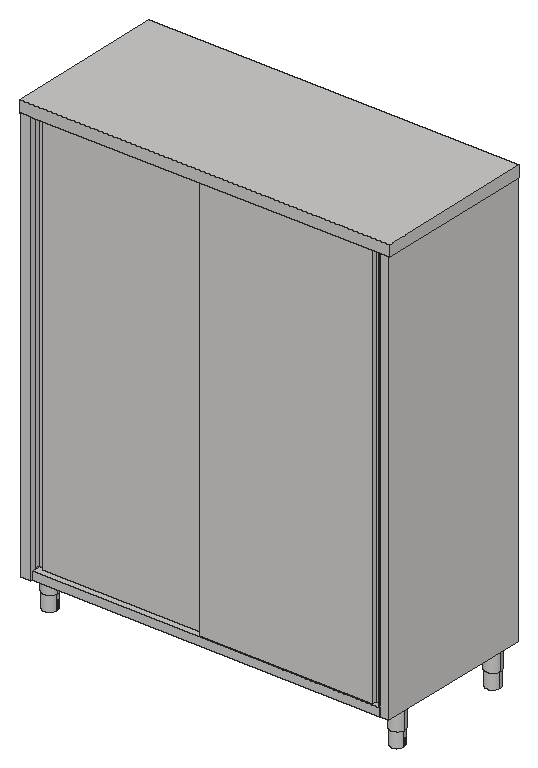
Revit family "QF_ZANUSSI_132891_SASH16N", category Attrezzature speciali, Revit 2020
Family settings
  Quota connettore circolare = Usa diametro
  Tipo di parte = Normale
  Basato su piano di lavoro = No
  Sempre verticale = Sì
  Taglio con vuoti quando caricato = No
  Condiviso = No
  Punto di calcolo locali = No
Parameters (values of type "Standard")
  Weight = 150.00 kg
  Watts = 0 W
  Volts = 0 V
  URL Manufacturer = "http://www.zanussiprofessional.com"
  URL = "http://www.zanussiprofessional.com"
  Steam Supply Size = 0 mm
  Steam Supply Minimum Pressure = 0.0 Pa
  Steam Supply Maximum Pressure = 0.0 Pa
  Steam Consumption per Hour = 0
  Refrigeration Suction Line Size = 0.0 mm
  Refrigeration Liquid Line Size = 0.0 mm
  Refrigerant Compressor Remote = yes
  Prospetto di default = 0.0 mm
  Phase = 0
  Modello = "SASH16N"
  Produttore = "Zanussi"
  Length Actual = 1600.0 mm  # constant formula
  Item Number = "132891"
  Hot Water Size = 0 mm
  Height Actual = 2000.0 mm  # constant formula
  HP = "0 HP"
  Gas Size = 0 mm
  Gas KW = 0
  Gas Input Pressure = 0 W
  Direct Waste Size = 0 mm
  Descrizione = "STORAGE CAB(H=2000)+SLIDING DOORS 1600MM"
  Depth Actual = 700.0 mm  # constant formula
  Cycle = 0 Hz
  Condensate Return Size = 0 mm
  Compressed Air Volume = 0.0 L/s
  Compressed Air Size = 0 mm
  Compressed Air Pressure = 0.0 Pa
  Cold Water Size = 0 mm
  Accessory = yes
Reference planes
  plane 1 "Center (Front/Back)": y = 0
  plane 2: z = 0
  plane 3 "Center (Left/Right)": x = -300
  plane 4 "LEFT": x = -1100
  plane 5 "RIGHT": x = 500
  plane 6 "BACK": y = 350
  plane 7 "FRONT": y = -350
  plane 8 "TOP": z = 2000
  plane 9: x = -1052
  plane 10: x = 452
  plane 11: y = 270
  plane 12: y = -247
  plane 13 "FEET": z = 150
  plane 14: x = -1054.5
  plane 15: y = -344.5
  plane 16: x = 454.5
  plane 17: x = -326.5
  plane 18: x = -273.5
  plane 19 "BaseTop": z = 1950
  plane 20: x = -1094.5
  plane 21: x = 494.5
  plane 22: y = 344.5
Forms (mm)
  Extrusion 1, solid, material "QF_Finishes_Stainless Steel"
    sketch origin (0, 0, 150) x (-1, 0, 0) y (0, -1, 0)
      loop
        line (1094.5, -350) -> (1094.5, 350) -> (1054.5, 350) -> (1054.5, -350) -> (1094.5, -350)
      loop
        line (-454.5, -350) -> (-454.5, 344.5) -> (-494.5, 344.5) -> (-494.5, -350) -> (-454.5, -350)
    from 0 to 1800
  Extrusion 2, solid, material "QF_Finishes_Stainless Steel"
    sketch origin (0, 0, 150) x (-1, 0, 0) y (0, -1, 0)
      loop
        line (1054.5, -347) -> (1054.5, 344.5) -> (-454.5, 344.5) -> (-454.5, -347) -> (1054.5, -347)
    from 0 to 35
  Extrusion 3, solid, material "QF_Finishes_Stainless Steel"
    sketch origin (0, 0, 150) x (-1, 0, 0) y (0, -1, 0)
      loop
        line (-454.5, -350) -> (1054.5, -350) -> (1054.5, -327) -> (-454.5, -327) -> (-454.5, -350)
    from 1800 to 35
  Extrusion 4, solid, material "QF_Finishes_Stainless Steel"
    sketch origin (0, 0, 1950) x (-1, 0, 0) y (0, -1, 0)
      loop
        line (1100, 350) -> (-500, 350) -> (-500, -350) -> (1100, -350) -> (1100, 350)
    from 0 to 50
  Extrusion 5, solid, material "QF_Finishes_Stainless Steel"
    sketch origin (33, 0, 150) x (-1, 0, 0) y (0, -1, 0)
      loop
        line (306.5, 324.5) -> (306.5, 304.5) -> (1085, 304.5) -> (1085, 324.5) -> (1083, 324.5) -> (1083, 309.5) -> (1056.034, 309.5) -> (1056.034, 324.5) -> (306.5, 324.5)
    from 1800 to 40
  Extrusion 6, solid, material "QF_Finishes_Stainless Steel"
    sketch origin (-633, 0, 150) x (1, 0, 0) y (0, 1, 0)
      loop
        line (306.5, -344.5) -> (1056.034, -344.5) -> (1056.034, -329.5) -> (1083, -329.5) -> (1083, -344.5) -> (1085, -344.5) -> (1085, -324.5) -> (306.5, -324.5) -> (306.5, -344.5)
    from 1800 to 40
Lines and regions (mm)
  symbolic lines, style "SpecialityEquipment"
    curve 1: line (-1100, 350, 1950) -> (500, 350, 1950)
    curve 2: line (-1100, -350, 1950) -> (-1100, 350, 1950)
    curve 3: line (500, -350, 1950) -> (-1100, -350, 1950)
    curve 4: line (500, 350, 1950) -> (500, -350, 1950)
  symbolic lines, style "SpecialityEquipmentHiddenLines"
    curve 5: line (-1100, -350, 1950) -> (500, 350, 1950)
    curve 6: line (-326.5, -324.5, 200) -> (-326.5, -344.5, 200)
    curve 7: line (-1052, -304.5, 1950) -> (-273.5, -304.5, 1950)
    curve 8: line (-273.5, -304.5, 1950) -> (-273.5, -324.5, 1950)
    curve 9: line (-273.5, -324.5, 1950) -> (-1052, -324.5, 1950)
    curve 10: line (-1052, -324.5, 1950) -> (-1052, -304.5, 1950)
    curve 11: line (-326.5, -344.5, 1950) -> (452, -344.5, 1950)
    curve 12: line (452, -344.5, 1950) -> (452, -324.5, 1950)
    curve 13: line (452, -324.5, 1950) -> (-273.5, -324.5, 1950)
Dimensions and locks
  plane 4 "LEFT" to plane 5 "RIGHT" = 1600.0 mm
  equal spacing: plane 4 "LEFT", plane 3 "Center (Left/Right)", plane 5 "RIGHT"
  plane 6 "BACK" to plane 7 "FRONT" = 700.0 mm
  equal spacing: plane 6 "BACK", plane 1 "Center (Front/Back)", plane 7 "FRONT"
  locked: plane 13 "FEET" to level at 150
  locked: plane 4 "LEFT" to plane 9 at 48
  locked: plane 10 to plane 5 "RIGHT" at 48
  locked: plane 6 "BACK" to plane 11 at 80
  locked: plane 12 to plane 7 "FRONT" at 103
  locked: plane 8 "TOP" to level at 2000
  locked: plane 17 to plane 18 at 53
  equal spacing: plane 17, plane 3 "Center (Left/Right)", plane 18
  plane 4 "LEFT" to plane 20 = 5.5 mm
  locked: plane 20 to plane 14 at 40
  locked: plane 16 to plane 21 at 40
  locked: plane 21 to plane 5 "RIGHT" at 5.5
  plane 15 to plane 7 "FRONT" = 5.5 mm  (x2)
  plane 6 "BACK" to plane 22 = 5.5 mm
  locked: plane 8 "TOP" to plane 19 "BaseTop" at 50
  aligned and locked: level to plane 2
  aligned and locked: plane 9 to nested 1
  aligned and locked: plane 10 to nested 2
  aligned and locked: nested 4 to plane 11
  aligned and locked: plane 9 to nested 3
  aligned and locked: nested 3 to plane 11
  aligned and locked: plane 6 "BACK" to Extrusion 1 sketch curve
  aligned and locked: Extrusion 1 sketch curve to plane 6 "BACK"
  aligned and locked: Extrusion 1 sketch curve to plane 7 "FRONT"
  aligned and locked: plane 14 to Extrusion 1
  aligned and locked: Extrusion 2 to plane 14
  aligned and locked: Extrusion 2 to plane 15
  aligned and locked: nested 1 to plane 12
  aligned and locked: nested 2 to plane 12
  aligned and locked: Extrusion 2 sketch curve to plane 16
  aligned and locked: nested 4 to nested 2
  aligned and locked: plane 16 to Extrusion 3
  aligned and locked: Extrusion 3 to plane 14
  aligned and locked: plane 19 "BaseTop" to Extrusion 3
Automatic sketch dimensions
  Extrusion 1 sketch curve to plane 15 = 0.0 mm
  Extrusion 1 sketch curve to plane 21 = 0.0 mm
  Extrusion 1 sketch curve to plane 16 = 0.0 mm
  Extrusion 1 sketch curve to plane 14 = 0.0 mm
  Extrusion 1 sketch curve to plane 20 = 0.0 mm
  Extrusion 2 sketch curve to plane 14 = 0.0 mm
  Extrusion 2 sketch curve to plane 15 = 0.0 mm
  plane 22 to Extrusion 2 sketch curve = 2.5 mm
  curve 6 to plane 15 = 0.0 mm
  curve 6 to plane 17 = 0.0 mm
  plane 15 to curve 6 = 20.0 mm
  Extrusion 3 sketch curve to plane 6 "BACK" = 0.0 mm
  Extrusion 3 sketch curve to plane 16 = 0.0 mm
  Extrusion 3 sketch curve to plane 14 = 0.0 mm
  plane 22 to Extrusion 3 sketch curve = 17.5 mm
  Extrusion 4 sketch curve to plane 5 "RIGHT" = 0.0 mm
  Extrusion 4 sketch curve to plane 4 "LEFT" = 0.0 mm
  Extrusion 4 sketch curve to plane 6 "BACK" = 0.0 mm
  Extrusion 4 sketch curve to plane 7 "FRONT" = 0.0 mm
  Extrusion 5 sketch curve to plane 18 = 0.0 mm
  Extrusion 5 sketch curve to plane 9 = 0.0 mm
  plane 9 to Extrusion 5 sketch curve = 28.966 mm
  plane 9 to Extrusion 5 sketch curve = 2.0 mm
  plane 15 to Extrusion 5 sketch curve = 40.0 mm
  Extrusion 5 sketch curve to Extrusion 5 sketch curve = 5.0 mm
  Extrusion 5 sketch curve to Extrusion 5 sketch curve = 15.0 mm  (x2)
  Extrusion 6 sketch curve to plane 17 = 0.0 mm
  Extrusion 6 sketch curve to plane 15 = 0.0 mm  (x2)
  Extrusion 6 sketch curve to plane 10 = 0.0 mm
  plane 10 to Extrusion 6 sketch curve = 28.966 mm
  Extrusion 6 sketch curve to plane 15 = 15.0 mm
  Extrusion 6 sketch curve to Extrusion 6 sketch curve = 20.0 mm
  Extrusion 6 sketch curve to Extrusion 6 sketch curve = 2.0 mm
  curve 1 to plane 5 "RIGHT" = 0.0 mm
  curve 11 to plane 10 = 0.0 mm
  curve 8 to plane 18 = 0.0 mm
  curve 11 to plane 17 = 0.0 mm
  curve 9 to plane 9 = 0.0 mm
  curve 3 to plane 4 "LEFT" = 0.0 mm
  curve 1 to plane 6 "BACK" = 0.0 mm
  curve 12 to plane 15 = 0.0 mm
  curve 4 to plane 7 "FRONT" = 0.0 mm
  plane 15 to curve 8 = 40.0 mm
  curve 13 to curve 11 = 20.0 mm
Nested families
  nested 1: "FEET_D60-150" at (-1052, -247, 0), type "FEET_D60-150"
  nested 2: "FEET_D60-150" at (452, -247, 0), type "FEET_D60-150"
  nested 3: "FEET_D60-150" at (-1052, 270, 0), type "FEET_D60-150"
  nested 4: "FEET_D60-150" at (452, 270, 0), type "FEET_D60-150"
Definition of nested family "FEET_D60-150"
  Parameters
    Default Elevation = 0.0 mm
    FEET = 150.0 mm
  Reference planes
    plane 1 "Center (Front/Back)": y = 0
    plane 2: z = 0
    plane 3 "Center (Left/Right)": x = 0
    plane 4: z = 150
  Forms (mm)
    Extrusion 1, solid
      sketch origin (0, 0, 0) x (1, 0, 0) y (0, 1, 0)
        loop
          circle (0, 0) r 28
      from 0 to 67
    Revolve 2, solid
      sketch origin (0, 0, 0) x (1, 0, 0) y (0, 0, 1)
        loop
          line (0, 0) -> (0, 150) -> (-32.939, 150) -> (-32.939, 67) -> (-30, 67) -> (-30, 0) -> (0, 0)
        axis (0, 150) -> (0, 0)
      angle from 0 to 360
  Lines and regions (mm)
    symbolic lines
      curve 1: line (0, -1.503, 0) -> (0, 1.508, 0)
      curve 2: line (1.561, 0, 0) -> (-1.439, 0, 0)
  Dimensions and locks
    "FEET": plane 4 to plane 2
    aligned and locked: level to plane 2
  Automatic sketch dimensions
    plane 1 "Center (Front/Back)" to Extrusion 1 sketch curve = 0.0 mm
    Extrusion 1 sketch curve to plane 3 "Center (Left/Right)" = 0.0 mm
    plane 1 "Center (Front/Back)" to curve 2 = 0.0 mm
    curve 1 to plane 3 "Center (Left/Right)" = 0.0 mm
    curve 2 to plane 3 "Center (Left/Right)" = 1.439 mm
    plane 3 "Center (Left/Right)" to curve 2 = 1.561 mm
    plane 1 "Center (Front/Back)" to curve 1 = 1.503 mm
    curve 1 to plane 1 "Center (Front/Back)" = 1.508 mm
    Revolve 2 sketch curve to plane 4 = 0.0 mm
    Revolve 2 sketch curve to level = 0.0 mm
    Revolve 2 sketch curve to plane 3 "Center (Left/Right)" = 0.0 mm  (x2)
    Revolve 2 sketch curve to plane 3 "Center (Left/Right)" = 30.0 mm
    Revolve 2 sketch curve to plane 3 "Center (Left/Right)" = 32.939 mm
    level to Revolve 2 sketch curve = 67.0 mm
    Revolve 2 sketch curve to level = 42.207 mm
    Revolve 2 sketch curve to Revolve 2 sketch curve = 10.0 mm
    radius of Extrusion 1 sketch curve = 28.0 mm
